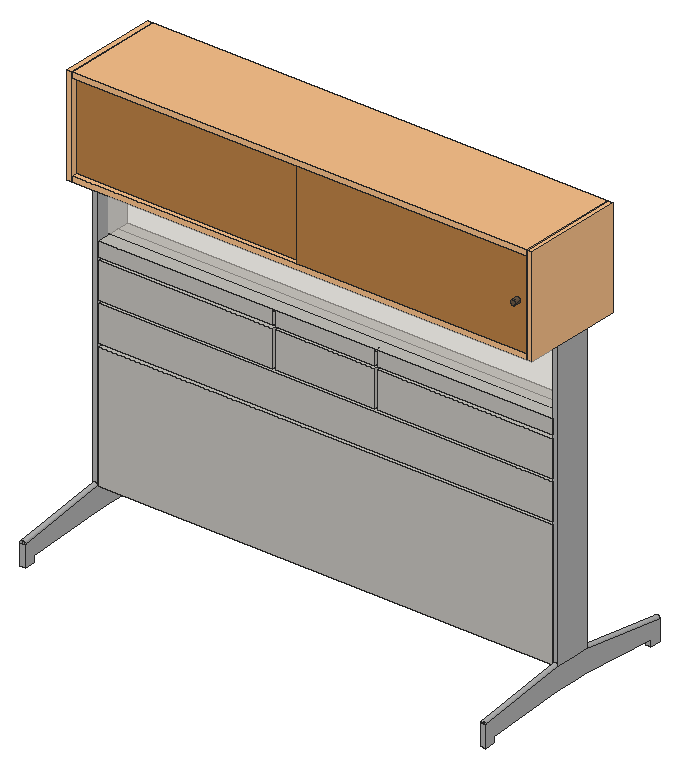
Revit family
Parameters (values of type "오버헤드 캐비닛 GT318 1800*390*380")
  폭 = 1800 mm
  캐비닛 판두께 = 20 mm
  캐비닛 높이 = 380 mm
  캐비닛 깊이 = 390 mm
  캐비닛 길이 = 1800 mm
  오버헤드 캐비닛 [instance] = yes
  스파인엔드마감 [instance] = no
  스파인 엔드마감 [instance] = 850 mm
  선반길이 = 1600 mm
  선반 상판 두께 = 22 mm
  사이드 패널 깊이 = 461.1 mm
  사이드 패널 [instance] = no
  보조선반 [instance] = no
  다리받침길이 = 840 mm
  높이 = 1240 mm
  깊이 = 140 mm
  Assembly Code = ""
Types (3, lengths in mm): name | 캐비닛 길이 | 오버헤드 캐비닛 | 스파인 엔드마감 | 사이드 패널 깊이 | 사이드 패널 | 다리받침길이
  스파인(단면형) 1800*140(570)*1240 | 1200 | no | 1110.1 | 900 | no | 570
  오버헤드 캐비닛 GT318 1800*390*380 | 1800 | yes | 850 | 461.1 | no | 840
  사이드 패널 GF4092G 900*36(5)*1240 | 1200 | no | 1110.1 | 900 | yes | 570
Reference planes
  plane 1 "Center (Front/Back)": y = 0
  plane 2: z = 0
  plane 3 "Center (Left/Right)": x = 0
  plane 4 "left": x = -900
  plane 5 "right": x = 900
  plane 6 "front": y = -70
  plane 7 "back": y = 70
  plane 8 "top": z = 1240
  plane 9 "스파인바닥": z = 129.87
  plane 10 "스파인상부": z = 980
  plane 11 "다리 FRONT": y = -420
  plane 12 "다리 BACK": y = 420
  plane 13 "오버헤드 캐비닛": z = 1620
  plane 14 "캐비닛 좌": x = -900
  plane 15 "캐비닛 우": x = 900
  plane 16 "캐비닛 뒤": y = 195
  plane 17 "캐비닛 앞": y = -195
  plane 18 "보조선반 좌": x = -800
  plane 19 "보조선반 우": x = 800
  plane 20 "사이드 패널 앞": y = -970
Forms (mm)
  Sweep 1, solid, material "알루미늄"
    path origin (0, -70, 0) x (-1, 0, 0) y (0, 0, 1)
      loop
        line (900, 129.87) -> (900, 1240) -> (-900, 1240) -> (-900, 129.87)
    profile origin (-900, -70, 684.935) x (1, 0, 0) y (0, 1, 0)
      loop
        line (0, 0) -> (19.997, 0) -> (19.997, 140) -> (0, 140) -> (0, 0)
  Extrusion 2, solid, material "천"
    sketch origin (0, 0, 129.87) x (-1, 0, 0) y (0, -1, 0)
      loop
        line (880.003, -70) -> (880.003, 70) -> (-880.003, 70) -> (-880.003, -70) -> (880.003, -70)
    from 0 to 850.13
  Extrusion 3, void
    sketch origin (-0.007, -70, 6.456) x (-1, 0, 0) y (0, 0, 1)
      loop
        line (880.003, 768.228) -> (-880.003, 768.228) -> (-880.003, 756.772) -> (880.003, 756.772) -> (880.003, 768.228)
    from 0 to 20
  Extrusion 4, void
    sketch origin (-0.014, -70, 156.456) x (-1, 0, 0) y (0, 0, 1)
      loop
        line (880.003, 768.228) -> (-880.003, 768.228) -> (-880.003, 756.772) -> (880.003, 756.772) -> (880.003, 768.228)
    from 0 to 20
  Extrusion 5, void
    sketch origin (-0.014, -70, -3.544) x (-1, 0, 0) y (0, 0, 1)
      loop
        line (880.003, 628.228) -> (-880.003, 628.228) -> (-880.003, 616.772) -> (880.003, 616.772) -> (880.003, 628.228)
    from 0 to 20
  Extrusion 6, void
    sketch origin (0, -70, -5) x (-1, 0, 0) y (0, 0, 1)
      loop
        line (202.998, 774.685) -> (202.998, 980) -> (192.328, 980) -> (192.328, 774.685) -> (202.998, 774.685)
    from 0 to 20
  Extrusion 7, void
    sketch origin (0, -70, -5) x (1, 0, 0) y (0, 0, -1)
      loop
        line (202.998, -774.685) -> (192.328, -774.685) -> (192.328, -980) -> (202.998, -980) -> (202.998, -774.685)
    from 0 to 20
  Extrusion 8, void
    sketch origin (-0.007, 70, 6.456) x (-1, 0, 0) y (0, 0, -1)
      loop
        line (880.003, -768.228) -> (880.003, -756.772) -> (-880.003, -756.772) -> (-880.003, -768.228) -> (880.003, -768.228)
    from 0 to 20
  Extrusion 9, void
    sketch origin (-0.014, 70, 156.456) x (-1, 0, 0) y (0, 0, -1)
      loop
        line (880.003, -768.228) -> (880.003, -756.772) -> (-880.003, -756.772) -> (-880.003, -768.228) -> (880.003, -768.228)
    from 0 to 20
  Extrusion 10, void
    sketch origin (-0.014, 70, -3.544) x (-1, 0, 0) y (0, 0, -1)
      loop
        line (880.003, -628.228) -> (880.003, -616.772) -> (-880.003, -616.772) -> (-880.003, -628.228) -> (880.003, -628.228)
    from 0 to 20
  Extrusion 11, void
    sketch origin (0, 70, -5) x (-1, 0, 0) y (0, 0, -1)
      loop
        line (202.998, -774.685) -> (192.328, -774.685) -> (192.328, -980) -> (202.998, -980) -> (202.998, -774.685)
    from 0 to 20
  Extrusion 12, void
    sketch origin (0, 70, -5) x (1, 0, 0) y (0, 0, 1)
      loop
        line (202.998, 774.685) -> (202.998, 980) -> (192.328, 980) -> (192.328, 774.685) -> (202.998, 774.685)
    from 0 to 20
  Extrusion 13, solid, material "폴리카보네이트"
    sketch origin (0, 0, 980) x (-1, 0, 0) y (0, -1, 0)
      loop
        line (880.003, -20) -> (880.003, 20) -> (-880.003, 20) -> (-880.003, -20) -> (880.003, -20)
    from 0 to 240.003
  Extrusion 14, solid, material "알루미늄"
    sketch origin (-900, 0, 0) x (0, 1, 0) y (0, 0, 1)
      loop
        line (-70, 45) -> (0, 45) -> (70, 45) -> (379.245, 23.375) -> (379.245, 0) -> (420, 0) -> (420, 80) -> (70, 129.87) -> (0, 129.87) -> (-70, 129.87) -> (-420, 80) -> (-420, 0) -> (-379.245, 0) -> (-379.245, 23.375) -> (-70, 45)
    from 0 to 20
  Sweep 15, solid, material "알루미늄"
    path origin (-900, 0, 0) x (0, 1, 0) y (0, 0, 1)
      loop
        line (-420, 80) -> (-70, 129.87)
    profile origin (-900, -70, 129.87) x (0, -0.141061, 0.990001) y (1, 0, 0)
      loop
        arc (0, 0) -> (9.998, 9.998) -> (0, 19.997) r 9.998
        line (0, 19.997) -> (0, 0)
  Sweep 16, solid, material "알루미늄"
    path origin (-900, 0, 0) x (0, -1, 0) y (0, 0, 1)
      loop
        line (-420, 80) -> (-70, 129.87)
    profile origin (-900, 70, 129.87) x (0, -0.141061, -0.990001) y (1, 0, 0)
      loop
        line (0, 0) -> (0, 19.997)
        arc (0, 19.997) -> (-9.998, 9.998) -> (0, 0) r 9.998
  Extrusion 17, solid, material "알루미늄"
    sketch origin (900, 0, 0) x (0, 1, 0) y (0, 0, -1)
      loop
        line (-70, -45) -> (-379.245, -23.375) -> (-379.245, 0) -> (-420, 0) -> (-420, -80) -> (-70, -129.87) -> (0, -129.87) -> (70, -129.87) -> (420, -80) -> (420, 0) -> (379.245, 0) -> (379.245, -23.375) -> (70, -45) -> (0, -45) -> (-70, -45)
    from 0 to 20
  Sweep 18, solid, material "알루미늄"
    path origin (900, 0, 0) x (0, 1, 0) y (0, 0, -1)
      loop
        line (-420, -80) -> (-70, -129.87)
    profile origin (900, -70, 129.87) x (0, 0.141061, -0.990001) y (-1, 0, 0)
      loop
        line (0, 0) -> (0, 19.997)
        arc (0, 19.997) -> (-9.998, 9.998) -> (0, 0) r 9.998
  Sweep 19, solid, material "알루미늄"
    path origin (900, 0, 0) x (0, -1, 0) y (0, 0, 1)
      loop
        line (-420, 80) -> (-70, 129.87)
    profile origin (900, 70, 129.87) x (0, 0.141061, 0.990001) y (-1, 0, 0)
      loop
        arc (0, 0) -> (9.998, 9.998) -> (0, 19.997) r 9.998
        line (0, 19.997) -> (0, 0)
  Extrusion 20, solid, material "알루미늄", visible <- "스파인엔드마감"
    sketch origin (0, 0, 129.87) x (-1, 0, 0) y (0, -1, 0)
      loop
        arc (919.997, 65) -> (909.998, 70) -> (900, 65) r 12.497
        line (900, 65) -> (900, -65)
        arc (900, -65) -> (909.998, -70) -> (919.997, -65) r 12.497
        line (919.997, -65) -> (919.997, 65)
      loop
        line (-919.997, 65) -> (-919.997, -65)
        arc (-919.997, -65) -> (-909.998, -70) -> (-900, -65) r 12.497
        line (-900, -65) -> (-900, 65)
        arc (-900, 65) -> (-909.998, 70) -> (-919.997, 65) r 12.497
    from 0 to 850
  Extrusion 21, solid, material "캐비닛 판", visible <- "오버헤드 캐비닛"
    sketch origin (0, 0, 1240) x (-1, 0, 0) y (0, -1, 0)
      loop
        line (900, -195) -> (900, 195) -> (880, 195) -> (880, -195) -> (900, -195)
      loop
        line (-880, -195) -> (-880, 195) -> (-900, 195) -> (-900, -195) -> (-880, -195)
    from 0 to 380
  Extrusion 22, solid, material "캐비닛 판", visible <- "오버헤드 캐비닛"
    sketch origin (0, 0, 1240) x (-1, 0, 0) y (0, -1, 0)
      loop
        line (880, -195) -> (880, 195) -> (-880, 195) -> (-880, -195) -> (880, -195)
    from 0 to 20
  Extrusion 23, solid, material "캐비닛 판", visible <- "오버헤드 캐비닛"
    sketch origin (0, 0, 1600) x (-1, 0, 0) y (0, -1, 0)
      loop
        line (880, -195) -> (880, 195) -> (-880, 195) -> (-880, -195) -> (880, -195)
    from 0 to 20
  Extrusion 24, solid, material "캐비닛 판", visible <- "오버헤드 캐비닛"
    sketch origin (0, -195, 0) x (-1, 0, 0) y (0, 0, 1)
      loop
        line (880, 1600) -> (-880, 1600) -> (-880, 1260) -> (880, 1260) -> (880, 1600)
    from 370 to 390
  Extrusion 25, solid, material "캐비닛 문", visible <- "오버헤드 캐비닛"
    sketch origin (0, 0, 1240) x (-1, 0, 0) y (0, -1, 0)
      loop
        line (-880, 195) -> (-880, 175) -> (10, 175) -> (10, 195) -> (-880, 195)
    from 20 to 360
  Extrusion 26, solid, material "캐비닛 문", visible <- "오버헤드 캐비닛"
    sketch origin (-570, 19.905, 1240) x (-1, 0, 0) y (0, -1, 0)
      loop
        line (-580, 195) -> (-580, 175) -> (310, 175) -> (310, 195) -> (-580, 195)
    from 20 to 360
  Extrusion 27, solid, material "손고리", visible <- "오버헤드 캐비닛"
    sketch origin (0, -195, 0) x (-1, 0, 0) y (0, 0, 1)
      loop
        circle (-843.811, 1435.019) r 10
    from 0 to -20
  Extrusion 28, solid, material "선반", visible <- "보조선반"
    sketch origin (0, 0, 129.87) x (-1, 0, 0) y (0, -1, 0)
      loop
        line (800, 110) -> (800, 420) -> (-800, 420) -> (-800, 110) -> (800, 110)
    from 652.416 to 630.416
  Extrusion 29, solid, material "선반 받침", visible <- "보조선반"
    sketch origin (-900, 0, 0) x (0, 1, 0) y (0, 0, 1)
      loop
        line (-335, 760.286) -> (-328.53, 736.138) -> (-127.5, 720.597) -> (-110, 690.286) -> (-70, 690.286) -> (-70, 760.286) -> (-335, 760.286)
    from 300 to 278
  Extrusion 30, solid, material "선반 받침", visible <- "보조선반"
    sketch origin (900, 0, 0) x (0, 1, 0) y (0, 0, -1)
      loop
        line (-335, -760.286) -> (-70, -760.286) -> (-70, -690.286) -> (-110, -690.286) -> (-127.5, -720.597) -> (-328.53, -736.138) -> (-335, -760.286)
    from 300 to 278
  Extrusion 31, solid, material "선반 받침", visible <- "보조선반"
    sketch origin (289, 0, 0) x (0, 1, 0) y (0, 0, -1)
      loop
        line (-335, -760.286) -> (-70, -760.286) -> (-70, -690.286) -> (-110, -690.286) -> (-127.5, -720.597) -> (-328.53, -736.138) -> (-335, -760.286)
    from 300 to 278
  Sweep 32, solid, material "알루미늄", visible <- "사이드 패널"
    path origin (0, 0, 0) x (0, 1, 0) y (0, 0, 1)
      loop
        line (-970, 129.87) -> (-70, 129.87) -> (-70, 1240) -> (-970, 1240) -> (-970, 129.87)
    profile origin (0, -520, 129.87) x (0, 0, 1) y (1, 0, 0)
      loop
        line (0, -890) -> (0, -900) -> (5, -900) -> (11.607, -892.485) -> (11.607, -887.485) -> (5, -880) -> (0, -880) -> (0, -890)
  Extrusion 33, solid, material "폴리카보네이트", visible <- "사이드 패널"
    sketch origin (0, 0, 129.87) x (-1, 0, 0) y (0, -1, 0)
      loop
        line (892.485, 81.607) -> (892.485, 958.393) -> (887.485, 958.393) -> (887.485, 81.607) -> (892.485, 81.607)
    from 1098.493 to 11.607
  Extrusion 34, solid, material "알루미늄", visible <- "사이드 패널"
    sketch origin (-900, 0, 0) x (0, 1, 0) y (0, 0, 1)
      loop
        line (-865, 129.87) -> (-970, 80.908) -> (-970, 0) -> (-920, 0) -> (-920, 49.054) -> (-746.69, 129.87) -> (-865, 129.87)
    from 19.997 to 0
Cuts and joins
  Extrusion 3, Extrusion 4, Extrusion 5, Extrusion 6, Extrusion 7, Extrusion 8, Extrusion 9, Extrusion 10, Extrusion 11, Extrusion 12 cuts Sweep 1
  Extrusion 3, Extrusion 4, Extrusion 5, Extrusion 6, Extrusion 7, Extrusion 8, Extrusion 9, Extrusion 10, Extrusion 11, Extrusion 12 cuts Extrusion 2
Dimensions and locks
  "깊이": plane 6 "front" to plane 7 "back"
  equal spacing: plane 6 "front", plane 1 "Center (Front/Back)", plane 7 "back"
  "높이": plane 8 "top" to level
  "폭": plane 4 "left" to plane 5 "right"
  equal spacing: plane 4 "left", plane 3 "Center (Left/Right)", plane 5 "right"
  "다리받침길이": plane 12 "다리 BACK" to plane 11 "다리 FRONT"
  "스파인 엔드마감": Extrusion 20 to Extrusion 20
  "캐비닛 높이": plane 13 "오버헤드 캐비닛" to plane 8 "top"
  "캐비닛 길이": plane 14 "캐비닛 좌" to plane 15 "캐비닛 우"
  "캐비닛 깊이": plane 16 "캐비닛 뒤" to plane 17 "캐비닛 앞"
  equal spacing: plane 16 "캐비닛 뒤", plane 1 "Center (Front/Back)", plane 17 "캐비닛 앞"
  equal spacing: plane 14 "캐비닛 좌", plane 3 "Center (Left/Right)", plane 15 "캐비닛 우"
  "캐비닛 판두께": Extrusion 21 sketch curve to Extrusion 21 sketch curve  (x2)
  "캐비닛 판두께": Extrusion 22 to Extrusion 22
  "캐비닛 판두께": Extrusion 23 to Extrusion 23
  "캐비닛 판두께": Extrusion 23 to Extrusion 24
  "선반길이": plane 18 "보조선반 좌" to plane 19 "보조선반 우"
  equal spacing: plane 18 "보조선반 좌", plane 3 "Center (Left/Right)", plane 19 "보조선반 우"
  "선반 상판 두께": Extrusion 28 to Extrusion 28
  locked: Extrusion 28 sketch curve to cut or joined group of Extrusion 2, Extrusion 3, Extrusion 4, Extrusion 5, Extrusion 6, Extrusion 7, Extrusion 8, Extrusion 9, Extrusion 10, Extrusion 11, Extrusion 12 at 40
  "선반 상판 두께": Extrusion 29 to Extrusion 29
  "선반 상판 두께": Extrusion 30 to Extrusion 30
  "선반 상판 두께": Extrusion 31 to Extrusion 31
  aligned and locked: profile plane to Sweep 1 sketch curve
  aligned and locked: Sweep 1 sketch curve to profile plane
  aligned and locked: Sweep 1 sketch curve to plane 7 "back"
  aligned and locked: Sweep 1 to Extrusion 2 sketch curve
  aligned and locked: Extrusion 2 sketch curve to Sweep 1  (x3)
  aligned and locked: plane 10 "스파인상부" to Extrusion 2
  aligned and locked: Extrusion 2 to plane 9 "스파인바닥"
  aligned and locked: Extrusion 13 to cut or joined group 1 (Sweep 1, Extrusion 3, Extrusion 4, Extrusion 5, Extrusion 6, Extrusion 7, Extrusion 8, Extrusion 9, Extrusion 10, Extrusion 11, Extrusion 12)  (x3)
  aligned and locked: plane 9 "스파인바닥" to Extrusion 14
  aligned and locked: Extrusion 14 to plane 11 "다리 FRONT"
  aligned and locked: plane 12 "다리 BACK" to Extrusion 14
  aligned and locked: Extrusion 14 to level  (x2)
  aligned and locked: Extrusion 14 to plane 2
  aligned and locked: Sweep 15 sketch curve to Extrusion 14
  aligned and locked: Sweep 18 sketch curve to Extrusion 17
  aligned and locked: Extrusion 20 sketch curve to plane 4 "left"
  aligned and locked: Extrusion 20 to plane 9 "스파인바닥"
  aligned and locked: Extrusion 20 to cut or joined group 1
  aligned and locked: plane 14 "캐비닛 좌" to Extrusion 21 sketch curve
  aligned and locked: plane 17 "캐비닛 앞" to Extrusion 21 sketch curve
  aligned and locked: Extrusion 21 sketch curve to plane 16 "캐비닛 뒤"
  aligned and locked: plane 16 "캐비닛 뒤" to Extrusion 21 sketch curve
  aligned and locked: Extrusion 21 sketch curve to plane 15 "캐비닛 우"
  aligned and locked: Extrusion 21 sketch curve to plane 17 "캐비닛 앞"
  aligned and locked: plane 13 "오버헤드 캐비닛" to Extrusion 21
  aligned and locked: Extrusion 21 to plane 8 "top"
  aligned and locked: Extrusion 21 to Extrusion 22 sketch curve
  aligned and locked: Extrusion 22 sketch curve to Extrusion 21  (x3)
  aligned and locked: Extrusion 24 sketch curve to Extrusion 23  (x2)
  aligned and locked: Extrusion 22 to Extrusion 24 sketch curve
  aligned and locked: Extrusion 24 sketch curve to Extrusion 22
  aligned and locked: Extrusion 24 to plane 16 "캐비닛 뒤"
  aligned and locked: Extrusion 25 to Extrusion 23
  aligned and locked: Extrusion 25 to Extrusion 22
  aligned and locked: Extrusion 26 to Extrusion 22
  aligned and locked: plane 18 "보조선반 좌" to Extrusion 28 sketch curve
  aligned and locked: plane 11 "다리 FRONT" to Extrusion 28 sketch curve
  aligned and locked: Extrusion 28 sketch curve to plane 19 "보조선반 우"
  aligned and locked: plane 20 "사이드 패널 앞" to Sweep 32 sketch curve
  aligned and locked: Sweep 32 sketch curve to plane 9 "스파인바닥"
  aligned and locked: Sweep 32 sketch curve to cut or joined group 1
  aligned and locked: Sweep 32 to Extrusion 33 sketch curve  (x2)
  aligned and locked: Extrusion 33 sketch curve to Sweep 32  (x2)
  aligned and locked: Extrusion 33 to Sweep 32
  aligned and locked: Extrusion 34 to cut or joined group 1
  aligned and locked: plane 8 "top" to Sweep 32 sketch curve
Automatic sketch dimensions
  Sweep 1 sketch curve to plane 5 "right" = 0 mm
  Sweep 1 sketch curve to plane 4 "left" = 0 mm
  Sweep 1 sketch curve to plane 9 "스파인바닥" = 0 mm  (x2)
  Sweep 1 sketch curve to plane 8 "top" = 0 mm
  Sweep 1 sketch curve to profile plane = 19.997 mm
  Extrusion 3 sketch curve to plane 5 "right" = 20.003 mm
  plane 4 "left" to Extrusion 3 sketch curve = 19.99 mm
  Extrusion 3 sketch curve to plane 10 "스파인상부" = 216.772 mm
  Extrusion 3 sketch curve to Extrusion 3 sketch curve = 11.456 mm
  Extrusion 4 sketch curve to plane 5 "right" = 20.01 mm
  plane 4 "left" to Extrusion 4 sketch curve = 19.983 mm
  Extrusion 4 sketch curve to plane 10 "스파인상부" = 66.772 mm
  Extrusion 4 sketch curve to Extrusion 4 sketch curve = 11.456 mm
  Extrusion 5 sketch curve to plane 5 "right" = 20.01 mm
  plane 4 "left" to Extrusion 5 sketch curve = 19.983 mm
  Extrusion 5 sketch curve to plane 10 "스파인상부" = 366.772 mm
  Extrusion 5 sketch curve to Extrusion 5 sketch curve = 11.456 mm
  Extrusion 6 sketch curve to plane 3 "Center (Left/Right)" = 192.328 mm
  Extrusion 6 sketch curve to plane 10 "스파인상부" = 5 mm
  Extrusion 6 sketch curve to Extrusion 6 sketch curve = 10.67 mm
  Extrusion 6 sketch curve to Extrusion 6 sketch curve = 205.315 mm
  Extrusion 7 sketch curve to plane 3 "Center (Left/Right)" = 192.328 mm
  plane 10 "스파인상부" to Extrusion 7 sketch curve = 5 mm
  Extrusion 7 sketch curve to Extrusion 7 sketch curve = 10.67 mm
  Extrusion 7 sketch curve to Extrusion 7 sketch curve = 205.315 mm
  Extrusion 8 sketch curve to plane 5 "right" = 20.003 mm
  plane 4 "left" to Extrusion 8 sketch curve = 19.99 mm
  Extrusion 8 sketch curve to plane 10 "스파인상부" = 205.315 mm
  Extrusion 8 sketch curve to Extrusion 8 sketch curve = 11.456 mm
  Extrusion 9 sketch curve to plane 5 "right" = 20.01 mm
  plane 4 "left" to Extrusion 9 sketch curve = 19.983 mm
  Extrusion 9 sketch curve to plane 10 "스파인상부" = 55.315 mm
  Extrusion 9 sketch curve to Extrusion 9 sketch curve = 11.456 mm
  Extrusion 10 sketch curve to plane 5 "right" = 20.01 mm
  plane 4 "left" to Extrusion 10 sketch curve = 19.983 mm
  Extrusion 10 sketch curve to plane 10 "스파인상부" = 355.315 mm
  Extrusion 10 sketch curve to Extrusion 10 sketch curve = 11.456 mm
  Extrusion 11 sketch curve to plane 3 "Center (Left/Right)" = 192.328 mm
  Extrusion 11 sketch curve to plane 10 "스파인상부" = 5 mm
  Extrusion 11 sketch curve to Extrusion 11 sketch curve = 10.67 mm
  Extrusion 11 sketch curve to Extrusion 11 sketch curve = 205.315 mm
  plane 3 "Center (Left/Right)" to Extrusion 12 sketch curve = 192.328 mm
  Extrusion 12 sketch curve to plane 10 "스파인상부" = 5 mm
  Extrusion 12 sketch curve to Extrusion 12 sketch curve = 10.67 mm
  Extrusion 12 sketch curve to Extrusion 12 sketch curve = 205.315 mm
  Extrusion 13 sketch curve to plane 5 "right" = 19.997 mm
  plane 4 "left" to Extrusion 13 sketch curve = 19.997 mm
  Extrusion 13 sketch curve to plane 1 "Center (Front/Back)" = 20 mm
  plane 1 "Center (Front/Back)" to Extrusion 13 sketch curve = 20 mm
  Extrusion 14 sketch curve to level = 0 mm  (x2)
  Extrusion 14 sketch curve to plane 11 "다리 FRONT" = 0 mm
  Extrusion 14 sketch curve to plane 6 "front" = 0 mm  (x2)
  Extrusion 14 sketch curve to plane 1 "Center (Front/Back)" = 0 mm  (x2)
  Extrusion 14 sketch curve to plane 7 "back" = 0 mm  (x2)
  Extrusion 14 sketch curve to plane 12 "다리 BACK" = 0 mm
  Extrusion 14 sketch curve to plane 9 "스파인바닥" = 0 mm
  plane 11 "다리 FRONT" to Extrusion 14 sketch curve = 40.755 mm
  Extrusion 14 sketch curve to plane 12 "다리 BACK" = 40.755 mm
  level to Extrusion 14 sketch curve = 23.375 mm  (x2)
  level to Extrusion 14 sketch curve = 45 mm
  Extrusion 14 sketch curve to plane 9 "스파인바닥" = 49.87 mm  (x2)
  Sweep 15 sketch curve to plane 11 "다리 FRONT" = 0 mm
  Sweep 15 sketch curve to plane 6 "front" = 0 mm
  Sweep 15 sketch curve to plane 9 "스파인바닥" = 0 mm
  Sweep 15 sketch curve to plane 9 "스파인바닥" = 49.87 mm
  Sweep 15 sketch curve to plane 4 "left" = 0 mm
  Sweep 15 sketch curve to Sweep 15 sketch curve = 9.998 mm
  Sweep 16 sketch curve to plane 12 "다리 BACK" = 0 mm
  Sweep 16 sketch curve to plane 7 "back" = 0 mm
  Sweep 16 sketch curve to plane 9 "스파인바닥" = 0 mm
  plane 9 "스파인바닥" to Sweep 16 sketch curve = 49.87 mm
  Sweep 16 sketch curve to plane 4 "left" = 0 mm
  Sweep 16 sketch curve to profile plane = 0 mm
  Sweep 16 sketch curve to Sweep 16 sketch curve = 9.998 mm
  Extrusion 17 sketch curve to level = 0 mm  (x2)
  Extrusion 17 sketch curve to plane 11 "다리 FRONT" = 0 mm
  Extrusion 17 sketch curve to plane 6 "front" = 0 mm  (x2)
  Extrusion 17 sketch curve to plane 1 "Center (Front/Back)" = 0 mm  (x2)
  Extrusion 17 sketch curve to plane 7 "back" = 0 mm  (x2)
  Extrusion 17 sketch curve to plane 12 "다리 BACK" = 0 mm
  Extrusion 17 sketch curve to plane 9 "스파인바닥" = 0 mm
  plane 11 "다리 FRONT" to Extrusion 17 sketch curve = 40.755 mm
  Extrusion 17 sketch curve to plane 12 "다리 BACK" = 40.755 mm
  Extrusion 17 sketch curve to plane 9 "스파인바닥" = 49.87 mm  (x2)
  level to Extrusion 17 sketch curve = 45 mm
  level to Extrusion 17 sketch curve = 23.375 mm
  Extrusion 17 sketch curve to Extrusion 17 sketch curve = 23.375 mm
  Sweep 18 sketch curve to plane 11 "다리 FRONT" = 0 mm
  Sweep 18 sketch curve to plane 6 "front" = 0 mm
  Sweep 18 sketch curve to plane 9 "스파인바닥" = 0 mm
  Sweep 18 sketch curve to plane 9 "스파인바닥" = 49.87 mm
  Sweep 18 sketch curve to profile plane = 0 mm
  Sweep 18 sketch curve to Sweep 18 sketch curve = 9.998 mm
  Sweep 19 sketch curve to plane 12 "다리 BACK" = 0 mm
  Sweep 19 sketch curve to plane 7 "back" = 0 mm
  Sweep 19 sketch curve to plane 9 "스파인바닥" = 0 mm
  Sweep 19 sketch curve to plane 9 "스파인바닥" = 49.87 mm
  Sweep 19 sketch curve to profile plane = 0 mm  (x2)
  Sweep 19 sketch curve to Sweep 19 sketch curve = 9.998 mm
  Extrusion 20 sketch curve to plane 5 "right" = 0 mm
  plane 5 "right" to Extrusion 20 sketch curve = 9.998 mm  (x2)
  plane 7 "back" to Extrusion 20 sketch curve = 5 mm  (x2)
  Extrusion 20 sketch curve to Extrusion 20 sketch curve = 9.998 mm  (x2)
  Extrusion 20 sketch curve to plane 4 "left" = 9.998 mm  (x2)
  plane 6 "front" to Extrusion 20 sketch curve = 5 mm  (x2)
  plane 7 "back" to Extrusion 20 sketch curve = 12.497 mm
  Extrusion 20 sketch curve to Extrusion 20 sketch curve = 7.497 mm
  plane 6 "front" to Extrusion 20 sketch curve = 12.497 mm  (x2)
  Extrusion 23 sketch curve to plane 16 "캐비닛 뒤" = 0 mm
  Extrusion 23 sketch curve to plane 17 "캐비닛 앞" = 0 mm
  Extrusion 23 sketch curve to plane 15 "캐비닛 우" = 20 mm
  plane 14 "캐비닛 좌" to Extrusion 23 sketch curve = 20 mm
  Extrusion 25 sketch curve to plane 17 "캐비닛 앞" = 0 mm
  Extrusion 25 sketch curve to plane 15 "캐비닛 우" = 20 mm
  Extrusion 25 sketch curve to plane 3 "Center (Left/Right)" = 10 mm
  Extrusion 25 sketch curve to Extrusion 25 sketch curve = 20 mm
  plane 3 "Center (Left/Right)" to Extrusion 26 sketch curve = 10 mm
  plane 14 "캐비닛 좌" to Extrusion 26 sketch curve = 20 mm
  plane 17 "캐비닛 앞" to Extrusion 26 sketch curve = 39.905 mm
  plane 17 "캐비닛 앞" to Extrusion 26 sketch curve = 19.905 mm
  Extrusion 27 sketch curve to plane 15 "캐비닛 우" = 56.189 mm
  Extrusion 27 sketch curve to plane 13 "오버헤드 캐비닛" = 184.981 mm
  Extrusion 29 sketch curve to plane 6 "front" = 0 mm
  Extrusion 29 sketch curve to Extrusion 29 sketch curve = 40 mm
  Extrusion 29 sketch curve to Extrusion 29 sketch curve = 17.5 mm
  plane 11 "다리 FRONT" to Extrusion 29 sketch curve = 91.47 mm
  Extrusion 29 sketch curve to Extrusion 29 sketch curve = 6.47 mm
  Extrusion 29 sketch curve to plane 10 "스파인상부" = 289.714 mm
  Extrusion 29 sketch curve to Extrusion 29 sketch curve = 30.311 mm
  Extrusion 29 sketch curve to Extrusion 29 sketch curve = 15.541 mm
  Extrusion 29 sketch curve to Extrusion 29 sketch curve = 39.689 mm
  Extrusion 30 sketch curve to plane 6 "front" = 0 mm
  Extrusion 30 sketch curve to Extrusion 30 sketch curve = 40 mm
  Extrusion 30 sketch curve to Extrusion 30 sketch curve = 17.5 mm
  plane 11 "다리 FRONT" to Extrusion 30 sketch curve = 91.47 mm
  Extrusion 30 sketch curve to Extrusion 30 sketch curve = 6.47 mm
  Extrusion 30 sketch curve to plane 10 "스파인상부" = 219.714 mm
  Extrusion 30 sketch curve to Extrusion 30 sketch curve = 24.148 mm
  Extrusion 30 sketch curve to Extrusion 30 sketch curve = 39.689 mm
  Extrusion 30 sketch curve to Extrusion 30 sketch curve = 30.311 mm
  Extrusion 31 sketch curve to plane 6 "front" = 0 mm
  Extrusion 31 sketch curve to Extrusion 31 sketch curve = 40 mm
  Extrusion 31 sketch curve to Extrusion 31 sketch curve = 17.5 mm
  plane 11 "다리 FRONT" to Extrusion 31 sketch curve = 91.47 mm
  Extrusion 31 sketch curve to Extrusion 31 sketch curve = 6.47 mm
  Extrusion 31 sketch curve to plane 10 "스파인상부" = 219.714 mm
  Extrusion 31 sketch curve to Extrusion 31 sketch curve = 24.148 mm
  Extrusion 31 sketch curve to Extrusion 31 sketch curve = 39.689 mm
  Extrusion 31 sketch curve to Extrusion 31 sketch curve = 30.311 mm
  Sweep 32 sketch curve to plane 3 "Center (Left/Right)" = 890 mm
  Sweep 32 sketch curve to profile plane = 0 mm
  Sweep 32 sketch curve to profile plane = 5 mm  (x2)
  Sweep 32 sketch curve to plane 3 "Center (Left/Right)" = 887.485 mm
  Sweep 32 sketch curve to plane 3 "Center (Left/Right)" = 892.485 mm
  Sweep 32 sketch curve to plane 3 "Center (Left/Right)" = 900 mm
  Sweep 32 sketch curve to Sweep 32 sketch curve = 6.607 mm
  Sweep 32 sketch curve to Sweep 32 sketch curve = 7.486 mm
  Extrusion 34 sketch curve to plane 20 "사이드 패널 앞" = 0 mm
  Extrusion 34 sketch curve to level = 0 mm
  Extrusion 34 sketch curve to plane 9 "스파인바닥" = 0 mm
  plane 20 "사이드 패널 앞" to Extrusion 34 sketch curve = 50 mm
  Extrusion 34 sketch curve to Extrusion 34 sketch curve = 55 mm
  Extrusion 34 sketch curve to Extrusion 34 sketch curve = 118.31 mm
  level to Extrusion 34 sketch curve = 49.054 mm
  Extrusion 34 sketch curve to plane 9 "스파인바닥" = 48.962 mm
  radius of Extrusion 27 sketch curve = 10 mm
